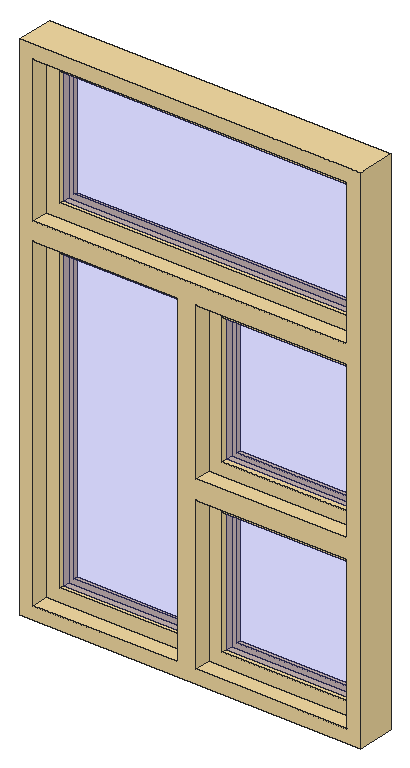
Revit family "4583V-COto 62", category Windows, host Wall, Revit 2016
Family settings
  Host = Wall
  OmniClass Number = 23.30.20.00
  OmniClass Title = Windows
  Always vertical = Yes
  Cut with Voids When Loaded = No
  Shared = No
  Room Calculation Point = No
Parameters (values of type "1188*1788mm")
  top 4 [instance] = yes
  top 3 [instance] = yes
  top 2 [instance] = no
  top 1 [instance] = yes
  right 4 [instance] = no
  right 2 [instance] = yes
  right 1 [instance] = no
  right 3 [instance] = no
  left 4 [instance] = no
  left 3 [instance] = no
  left 2 [instance] = no
  left 1 [instance] = no
  Sash 4 [instance] = or(top 4, right 4, left 4)  # yes
  Sash 3 [instance] = or(top 3, right 3, left 3)  # yes
  Sash 2 [instance] = or(top 2, right 2, left 2)  # yes
  Sash 1 [instance] = or(top 1, right 1, left 1)  # yes
  Rough Width = Width + 2 * Joint  # 1212 mm
  Rough Height = Height + 2 * Joint  # 1812 mm
  Offset from wall = 40 mm
  Mullion 3 Placement = 596 mm
  Mullion 2 Placement = 594 mm
  Mullion 1 Placement = 1192 mm
  Manufacturer = "www.kronevinduer.dk"
  Joint = 12 mm
  Height = 1788 mm
  Frame 176mm [instance] = no
  Frame 157mm [instance] = no
  Default Sill Height = 800 mm
  Wall Closure = By host
  Width = 1188 mm
Reference planes
  plane 1 "Center (Front/Back)": y = 0
  plane 2 "Center (Left/Right)": x = 0
  plane 3 "Left": x = -594
  plane 4 "Right": x = 594
  plane 5 "Sill": z = 800
  plane 6 "Head": z = 2588
  plane 7 "Exterior": y = 100
  plane 8 "Interior": y = -100
  plane 9: y = 60
  plane 10: x = 582
  plane 11: x = -582
  plane 12: z = 812
  plane 13: z = 2576
  plane 14: x = -12
  plane 15: z = 2004
  plane 16: x = 285
  plane 17: x = -297
  plane 18: z = 1408
  plane 19: z = 1694
  plane 20: z = 2290
  plane 21: z = 1408
  plane 22: z = 1110
  plane 23: z = 1706
Forms (mm)
  Sweep 1, solid, material "Wood frame"
    path origin (0, 100, 0) x (1, 0, 0) y (0, 0, 1)
      loop
        line (582, 812) -> (582, 2576) -> (-582, 2576) -> (-582, 812) -> (582, 812)
    profile "COto 62 træ-alu,karm- fast glas 45mm : COto 62 træ-alu,karm- fast glas 45mm" origin (0, 100, 812) x (0, 0, -1) y (0, -1, 0)
      loop
        line (0, 170) -> (-45, 170) -> (-45, 99) -> (-27, 99) -> (-27, 51) -> (-45, 51) -> (-45, 40) -> (0, 40) -> (0, 170)
  Sweep 2, solid, material "Wood frame", visible <- "Frame 157mm"
    path origin (0, 100, 0) x (1, 0, 0) y (0, 0, 1)
      loop
        line (582, 812) -> (582, 2576) -> (-582, 2576) -> (-582, 812) -> (582, 812)
    profile "COto 62 træ-alu,karm- fast glas 45mm-157 : COto 62 træ-alu,karm- fast glas 45mm-157" origin (0, 100, 812) x (0, 0, -1) y (0, -1, 0)
      loop
        line (0, 197) -> (-45, 197) -> (-45, 99) -> (-27, 99) -> (-27, 51) -> (-45, 51) -> (-45, 40) -> (0, 40) -> (0, 197)
  Sweep 3, solid, material "Wood frame", visible <- "Frame 176mm"
    path origin (0, 100, 0) x (1, 0, 0) y (0, 0, 1)
      loop
        line (582, 812) -> (582, 2576) -> (-582, 2576) -> (-582, 812) -> (582, 812)
    profile "COto 62 træ-alu,karm- fast glas 45mm-176 : COto 62 træ-alu,karm- fast glas 45mm-176" origin (0, 100, 812) x (0, 0, -1) y (0, -1, 0)
      loop
        line (0, 216) -> (-45, 216) -> (-45, 99) -> (-27, 99) -> (-27, 51) -> (-45, 51) -> (-45, 40) -> (0, 40) -> (0, 216)
  Extrusion 4, solid, material "Glass"
    sketch origin (-594, 0, 0) x (0, -1, 0) y (0, 0, 1)
      loop
        line (-49, 839) -> (-1, 839) -> (-1, 2549) -> (-49, 2549) -> (-49, 839)
    from -1149 to -39
  Sweep 5, solid, material "Wood frame"
    path origin (0, 100, 0) x (1, 0, 0) y (0, 0, 1)
      loop
        line (582, 2004) -> (-582, 2004)
    profile "COto 62 træ-alu, Post-fast glas 63 mm : COto 62 træ-alu, Post-fast glas 63 mm" origin (0, 100, 2004) x (0, 0, -1) y (0, -1, 0)
      loop
        line (31.5, 170) -> (-31.5, 170) -> (-31.5, 99) -> (-13.5, 99) -> (-13.5, 51) -> (-31.5, 51) -> (-31.5, 40) -> (31.5, 40) -> (31.5, 51) -> (13.5, 51) -> (13.5, 99) -> (31.5, 99) -> (31.5, 170)
  Sweep 6, solid, material "Wood frame", visible <- "Frame 157mm"
    path origin (0, 100, 0) x (1, 0, 0) y (0, 0, 1)
      loop
        line (582, 2004) -> (-582, 2004)
    profile "COto 62 træ-alu, Post-fast glas 63 mm-157 : COto 62 træ-alu, Post-fast glas 63 mm-157" origin (0, 100, 2004) x (0, 0, -1) y (0, -1, 0)
      loop
        line (31.5, 197) -> (-31.5, 197) -> (-31.5, 99) -> (-13.5, 99) -> (-13.5, 51) -> (-31.5, 51) -> (-31.5, 40) -> (31.5, 40) -> (31.5, 51) -> (13.5, 51) -> (13.5, 99) -> (31.5, 99) -> (31.5, 197)
  Sweep 7, solid, material "Wood frame", visible <- "Frame 176mm"
    path origin (0, 100, 0) x (1, 0, 0) y (0, 0, 1)
      loop
        line (582, 2004) -> (-582, 2004)
    profile "COto 62 træ-alu, Post-fast glas 63 mm-176 : COto 62 træ-alu, Post-fast glas 63 mm-176" origin (0, 100, 2004) x (0, 0, -1) y (0, -1, 0)
      loop
        line (31.5, 216) -> (-31.5, 216) -> (-31.5, 99) -> (-13.5, 99) -> (-13.5, 51) -> (-31.5, 51) -> (-31.5, 40) -> (31.5, 40) -> (31.5, 51) -> (13.5, 51) -> (13.5, 99) -> (31.5, 99) -> (31.5, 216)
  Sweep 8, solid, material "Wood frame"
    path origin (0, 100, 0) x (1, 0, 0) y (0, 0, 1)
      loop
        line (-12, 812) -> (-12, 2004)
    profile "COto 62 træ-alu, Post-fast glas 63 mm : COto 62 træ-alu, Post-fast glas 63 mm" origin (-12, 100, 1408) x (-1, 0, 0) y (0, -1, 0)
      loop
        line (31.5, 170) -> (-31.5, 170) -> (-31.5, 99) -> (-13.5, 99) -> (-13.5, 51) -> (-31.5, 51) -> (-31.5, 40) -> (31.5, 40) -> (31.5, 51) -> (13.5, 51) -> (13.5, 99) -> (31.5, 99) -> (31.5, 170)
  Sweep 9, solid, material "Wood frame", visible <- "Frame 157mm"
    path origin (0, 100, 0) x (1, 0, 0) y (0, 0, 1)
      loop
        line (-12, 812) -> (-12, 2004)
    profile "COto 62 træ-alu, Post-fast glas 63 mm-157 : COto 62 træ-alu, Post-fast glas 63 mm-157" origin (-12, 100, 1408) x (-1, 0, 0) y (0, -1, 0)
      loop
        line (31.5, 197) -> (-31.5, 197) -> (-31.5, 99) -> (-13.5, 99) -> (-13.5, 51) -> (-31.5, 51) -> (-31.5, 40) -> (31.5, 40) -> (31.5, 51) -> (13.5, 51) -> (13.5, 99) -> (31.5, 99) -> (31.5, 197)
  Sweep 10, solid, material "Wood frame", visible <- "Frame 176mm"
    path origin (0, 100, 0) x (1, 0, 0) y (0, 0, 1)
      loop
        line (-12, 812) -> (-12, 2004)
    profile "COto 62 træ-alu, Post-fast glas 63 mm-176 : COto 62 træ-alu, Post-fast glas 63 mm-176" origin (-12, 100, 1408) x (-1, 0, 0) y (0, -1, 0)
      loop
        line (31.5, 216) -> (-31.5, 216) -> (-31.5, 99) -> (-13.5, 99) -> (-13.5, 51) -> (-31.5, 51) -> (-31.5, 40) -> (31.5, 40) -> (31.5, 51) -> (13.5, 51) -> (13.5, 99) -> (31.5, 99) -> (31.5, 216)
  Sweep 11, solid, material "Wood frame", visible <- "Sash 4"
    path origin (0, 100, 0) x (1, 0, 0) y (0, 0, 1)
      loop
        line (555, 2017.5) -> (555, 2549) -> (-555, 2549) -> (-555, 2017.5) -> (555, 2017.5)
    profile "COto 62 træ-alu,opluk-ramme : COto 62 træ-alu,opluk-ramme" origin (0, 100, 2017.5) x (0, 0, -1) y (0, -1, 0)
      loop
        line (0, 99) -> (-18, 99) -> (-18, 114) -> (-63, 114) -> (-63, 99) -> (-45, 99) -> (-45, 51) -> (-63, 51) -> (-63, 40) -> (0, 40) -> (0, 99)
  Sweep 12, solid, material "Wood frame"
    path origin (0, 100, 0) x (1, 0, 0) y (0, 0, 1)
      loop
        line (582, 1408) -> (-12, 1408)
    profile "COto 62 træ-alu, Post-fast glas 63 mm : COto 62 træ-alu, Post-fast glas 63 mm" origin (285, 100, 1408) x (0, 0, -1) y (0, -1, 0)
      loop
        line (31.5, 170) -> (-31.5, 170) -> (-31.5, 99) -> (-13.5, 99) -> (-13.5, 51) -> (-31.5, 51) -> (-31.5, 40) -> (31.5, 40) -> (31.5, 51) -> (13.5, 51) -> (13.5, 99) -> (31.5, 99) -> (31.5, 170)
  Sweep 13, solid, material "Wood frame", visible <- "Frame 157mm"
    path origin (0, 100, 0) x (1, 0, 0) y (0, 0, 1)
      loop
        line (582, 1408) -> (-12, 1408)
    profile "COto 62 træ-alu, Post-fast glas 63 mm-157 : COto 62 træ-alu, Post-fast glas 63 mm-157" origin (285, 100, 1408) x (0, 0, -1) y (0, -1, 0)
      loop
        line (31.5, 197) -> (-31.5, 197) -> (-31.5, 99) -> (-13.5, 99) -> (-13.5, 51) -> (-31.5, 51) -> (-31.5, 40) -> (31.5, 40) -> (31.5, 51) -> (13.5, 51) -> (13.5, 99) -> (31.5, 99) -> (31.5, 197)
  Sweep 14, solid, material "Wood frame", visible <- "Frame 176mm"
    path origin (0, 100, 0) x (1, 0, 0) y (0, 0, 1)
      loop
        line (582, 1408) -> (-12, 1408)
    profile "COto 62 træ-alu, Post-fast glas 63 mm-176 : COto 62 træ-alu, Post-fast glas 63 mm-176" origin (285, 100, 1408) x (0, 0, -1) y (0, -1, 0)
      loop
        line (31.5, 216) -> (-31.5, 216) -> (-31.5, 99) -> (-13.5, 99) -> (-13.5, 51) -> (-31.5, 51) -> (-31.5, 40) -> (31.5, 40) -> (31.5, 51) -> (13.5, 51) -> (13.5, 99) -> (31.5, 99) -> (31.5, 216)
  Sweep 15, solid, material "Wood frame", visible <- "Sash 1"
    path origin (0, 100, 0) x (1, 0, 0) y (0, 0, 1)
      loop
        line (555, 839) -> (555, 1394.5) -> (1.5, 1394.5) -> (1.5, 839) -> (555, 839)
    profile "COto 62 træ-alu,opluk-ramme : COto 62 træ-alu,opluk-ramme" origin (278.25, 100, 839) x (0, 0, -1) y (0, -1, 0)
      loop
        line (0, 99) -> (-18, 99) -> (-18, 114) -> (-63, 114) -> (-63, 99) -> (-45, 99) -> (-45, 51) -> (-63, 51) -> (-63, 40) -> (0, 40) -> (0, 99)
  Sweep 16, solid, material "Wood frame", visible <- "Sash 2"
    path origin (0, 100, 0) x (1, 0, 0) y (0, 0, 1)
      loop
        line (-25.5, 839) -> (-25.5, 1990.5) -> (-555, 1990.5) -> (-555, 839) -> (-25.5, 839)
    profile "COto 62 træ-alu,opluk-ramme : COto 62 træ-alu,opluk-ramme" origin (-290.25, 100, 839) x (0, 0, -1) y (0, -1, 0)
      loop
        line (0, 99) -> (-18, 99) -> (-18, 114) -> (-63, 114) -> (-63, 99) -> (-45, 99) -> (-45, 51) -> (-63, 51) -> (-63, 40) -> (0, 40) -> (0, 99)
  Sweep 17, solid, material "Wood frame", visible <- "Sash 3"
    path origin (0, 100, 0) x (1, 0, 0) y (0, 0, 1)
      loop
        line (555, 1421.5) -> (555, 1990.5) -> (1.5, 1990.5) -> (1.5, 1421.5) -> (555, 1421.5)
    profile "COto 62 træ-alu,opluk-ramme : COto 62 træ-alu,opluk-ramme" origin (278.25, 100, 1421.5) x (0, 0, -1) y (0, -1, 0)
      loop
        line (0, 99) -> (-18, 99) -> (-18, 114) -> (-63, 114) -> (-63, 99) -> (-45, 99) -> (-45, 51) -> (-63, 51) -> (-63, 40) -> (0, 40) -> (0, 99)
Cuts and joins
  joined: Sweep 1, Sweep 5, Sweep 8, Sweep 12
  joined: Sweep 2, Sweep 6, Sweep 9, Sweep 13
  joined: Sweep 3, Sweep 7, Sweep 10, Sweep 14
Lines and regions (mm)
  Opening 1
    outline origin (3500, -100, 0) x (1, 0, 0) y (0, 0, 1)
      loop
        line (-2906, 800) -> (-2906, 2588) -> (-4094, 2588) -> (-4094, 800) -> (-2906, 800)
  symbolic lines, visible <- "top 4"
    curve 1: line (555, 100, 2549) -> (0, 100, 2017.5)
    curve 2: line (0, 100, 2017.5) -> (-555, 100, 2549)
  symbolic lines, visible <- "left 4"
    curve 3: line (555, 100, 2549) -> (-555, 100, 2290)
    curve 4: line (-555, 100, 2290) -> (555, 100, 2017.5)
  symbolic lines, visible <- "right 4"
    curve 5: line (-555, 100, 2549) -> (555, 100, 2290)
    curve 6: line (555, 100, 2290) -> (-555, 100, 2017.5)
  symbolic lines, visible <- "top 1"
    curve 7: line (555, 100, 1394.5) -> (285, 100, 839)
    curve 8: line (285, 100, 839) -> (1.5, 100, 1394.5)
  symbolic lines, visible <- "top 3"
    curve 9: line (555, 100, 1990.5) -> (285, 100, 1421.5)
    curve 10: line (285, 100, 1421.5) -> (1.5, 100, 1990.5)
  symbolic lines, visible <- "top 2"
    curve 11: line (-25.5, 100, 1990.5) -> (-297, 100, 839)
    curve 12: line (-297, 100, 839) -> (-555, 100, 1990.5)
  symbolic lines, visible <- "left 3"
    curve 13: line (555, 100, 1990.5) -> (1.5, 100, 1706)
    curve 14: line (1.5, 100, 1706) -> (555, 100, 1421.5)
  symbolic lines, visible <- "left 1"
    curve 15: line (555, 100, 1394.5) -> (1.5, 100, 1110)
    curve 16: line (1.5, 100, 1110) -> (555, 100, 839)
  symbolic lines, visible <- "left 2"
    curve 17: line (-25.5, 100, 1990.5) -> (-555, 100, 1408)
    curve 18: line (-555, 100, 1408) -> (-25.5, 100, 839)
  symbolic lines, visible <- "right 2"
    curve 19: line (-555, 100, 1990.5) -> (-25.5, 100, 1408)
    curve 20: line (-25.5, 100, 1408) -> (-555, 100, 835.239)
  symbolic lines, visible <- "right 3"
    curve 21: line (1.5, 100, 1990.5) -> (555, 100, 1706)
    curve 22: line (555, 100, 1706) -> (1.5, 100, 1421.5)
  symbolic lines, visible <- "right 1"
    curve 23: line (1.5, 100, 1394.5) -> (555, 100, 1110)
    curve 24: line (555, 100, 1110) -> (1.5, 100, 839)
Text (mm)
  text "EXTERIOR" at (-1963.203, 1332.353, 0), in view "Ref. Level"
  text "INTERIOR" at (-1981.466, -818.386, 0), in view "Ref. Level"
  text "Exterior" at (0, 923.751, 2943.296), in view "Right"
  text "Exterior" at (0, 1040.484, 2685.409), in view "Left"
Dimensions and locks
  equal spacing: plane 3 "Left", plane 2 "Center (Left/Right)", plane 4 "Right"
  "Width": plane 3 "Left" to plane 4 "Right"
  "Height": plane 5 "Sill" to plane 6 "Head"
  "Default Sill Height": plane 5 "Sill" to level
  locked: plane 7 "Exterior" to host wall at 0
  locked: plane 8 "Interior" to host wall
  "Joint": plane 13 to plane 6 "Head"
  "Joint": plane 5 "Sill" to plane 12
  "Joint": plane 3 "Left" to plane 11
  "Joint": plane 10 to plane 4 "Right"
  "Offset from wall": plane 9 to plane 7 "Exterior"
  "Mullion 2 Placement": plane 14 to plane 10
  "Mullion 1 Placement": plane 12 to plane 15
  equal spacing: plane 14, plane 16, plane 10
  equal spacing: plane 11, plane 17, plane 14
  equal spacing: plane 12, plane 19, plane 13
  equal spacing: plane 15, plane 20, plane 13
  "Mullion 3 Placement": plane 12 to plane 18
  equal spacing: plane 12, plane 21, plane 15
  equal spacing: plane 12, plane 22, plane 18
  equal spacing: plane 18, plane 23, plane 15
  aligned and locked: plane 12 to Sweep 1 sketch curve
  aligned and locked: plane 10 to Sweep 1 sketch curve
  aligned and locked: Sweep 1 sketch curve to plane 13
  aligned and locked: Sweep 1 sketch curve to plane 11
  aligned and locked: Extrusion 4 sketch curve to Sweep 1  (x2)
  aligned and locked: Extrusion 4 to Sweep 1  (x4)
  aligned and locked: plane 15 to Sweep 5 sketch curve
  aligned and locked: Sweep 11 sketch curve to cut or joined group of Sweep 1, Sweep 5, Sweep 8, Sweep 12  (x2)
  aligned and locked: Sweep 11 sketch curve to Extrusion 4  (x2)
  aligned and locked: Sweep 15 sketch curve to Extrusion 4  (x2)
  aligned and locked: Sweep 15 sketch curve to cut or joined group of Sweep 1, Sweep 5, Sweep 8, Sweep 12  (x2)
  aligned and locked: cut or joined group of Sweep 1, Sweep 5, Sweep 8, Sweep 12 to Sweep 16 sketch curve
  aligned and locked: Sweep 16 sketch curve to cut or joined group of Sweep 1, Sweep 5, Sweep 8, Sweep 12  (x3)
  aligned and locked: Sweep 17 sketch curve to cut or joined group of Sweep 1, Sweep 5, Sweep 8, Sweep 12
  aligned and locked: cut or joined group of Sweep 1, Sweep 5, Sweep 8, Sweep 12 to Sweep 17 sketch curve  (x3)
Automatic sketch dimensions
  Opening 1 sketch curve to plane 3 "Left" = 0 mm
  Opening 1 sketch curve to plane 4 "Right" = 0 mm
  Opening 1 sketch curve to plane 5 "Sill" = 0 mm
  Opening 1 sketch curve to plane 6 "Head" = 0 mm
  plane 11 to Sweep 2 sketch curve = 0 mm
  plane 10 to Sweep 2 sketch curve = 0 mm
  Sweep 2 sketch curve to plane 12 = 0 mm
  Sweep 2 sketch curve to plane 13 = 0 mm
  plane 11 to Sweep 3 sketch curve = 0 mm
  plane 10 to Sweep 3 sketch curve = 0 mm
  Sweep 3 sketch curve to plane 12 = 0 mm
  Sweep 3 sketch curve to plane 13 = 0 mm
  Extrusion 4 sketch curve to plane 5 "Sill" = 39 mm
  plane 6 "Head" to Extrusion 4 sketch curve = 39 mm
  plane 11 to Sweep 5 sketch curve = 0 mm
  plane 10 to Sweep 5 sketch curve = 0 mm
  plane 11 to Sweep 6 sketch curve = 0 mm
  plane 10 to Sweep 6 sketch curve = 0 mm
  Sweep 6 sketch curve to plane 15 = 0 mm
  plane 11 to Sweep 7 sketch curve = 0 mm
  plane 10 to Sweep 7 sketch curve = 0 mm
  Sweep 7 sketch curve to plane 15 = 0 mm
  plane 14 to Sweep 8 sketch curve = 0 mm
  Sweep 8 sketch curve to plane 12 = 0 mm
  Sweep 8 sketch curve to plane 15 = 0 mm
  plane 14 to Sweep 9 sketch curve = 0 mm
  Sweep 9 sketch curve to plane 12 = 0 mm
  Sweep 9 sketch curve to plane 15 = 0 mm
  plane 14 to Sweep 10 sketch curve = 0 mm
  Sweep 10 sketch curve to plane 12 = 0 mm
  Sweep 10 sketch curve to plane 15 = 0 mm
  plane 14 to Sweep 12 sketch curve = 0 mm
  plane 10 to Sweep 12 sketch curve = 0 mm
  Sweep 12 sketch curve to plane 18 = 0 mm
  plane 14 to Sweep 13 sketch curve = 0 mm
  plane 10 to Sweep 13 sketch curve = 0 mm
  Sweep 13 sketch curve to plane 18 = 0 mm
  plane 14 to Sweep 14 sketch curve = 0 mm
  plane 10 to Sweep 14 sketch curve = 0 mm
  Sweep 14 sketch curve to plane 18 = 0 mm
  curve 17 to plane 21 = 0 mm
  curve 3 to plane 20 = 0 mm
  plane 17 to curve 12 = 0 mm
  plane 2 "Center (Left/Right)" to curve 1 = 0 mm
  curve 20 to plane 21 = 0 mm
  curve 16 to plane 22 = 0 mm
  curve 13 to plane 23 = 0 mm
  plane 16 to curve 7 = 0 mm
  plane 16 to curve 9 = 0 mm
  curve 6 to plane 20 = 0 mm
  curve 21 to plane 23 = 0 mm
  curve 23 to plane 22 = 0 mm
  curve 5 to plane 11 = 27 mm
  curve 19 to plane 11 = 27 mm
  curve 4 to plane 11 = 27 mm
  curve 18 to plane 11 = 27 mm
  plane 14 to curve 11 = 13.5 mm
  plane 14 to curve 20 = 13.5 mm
  curve 8 to plane 14 = 13.5 mm
  curve 21 to plane 14 = 13.5 mm
  curve 13 to plane 14 = 13.5 mm
  plane 10 to curve 9 = 27 mm
  plane 10 to curve 7 = 27 mm
  plane 10 to curve 6 = 27 mm
  plane 10 to curve 21 = 27 mm
  plane 10 to curve 3 = 27 mm
  plane 10 to curve 23 = 27 mm
  plane 12 to curve 7 = 27 mm
  plane 12 to curve 11 = 27 mm
  plane 18 to curve 15 = 13.5 mm
  plane 18 to curve 8 = 13.5 mm
  curve 9 to plane 18 = 13.5 mm
  curve 10 to plane 15 = 13.5 mm
  curve 9 to plane 15 = 13.5 mm
  curve 11 to plane 15 = 13.5 mm
  curve 12 to plane 15 = 13.5 mm
  plane 15 to curve 2 = 13.5 mm
  curve 3 to plane 13 = 27 mm
  curve 5 to plane 13 = 27 mm
  curve 6 to curve 12 = 0 mm
  curve 20 to plane 11 = 27 mm
  plane 14 to curve 18 = 13.5 mm
  curve 24 to plane 14 = 13.5 mm
  curve 22 to plane 14 = 13.5 mm
  curve 16 to plane 14 = 13.5 mm
  plane 10 to curve 16 = 27 mm
  plane 10 to curve 14 = 27 mm
  plane 10 to curve 4 = 27 mm
  plane 12 to curve 24 = 27 mm
  plane 12 to curve 16 = 27 mm
  curve 18 to curve 24 = 0 mm
  plane 12 to curve 20 = 23.239 mm
  curve 22 to plane 18 = 13.5 mm
  curve 14 to plane 18 = 13.5 mm
  plane 15 to curve 4 = 13.5 mm
  plane 15 to curve 6 = 13.5 mm
